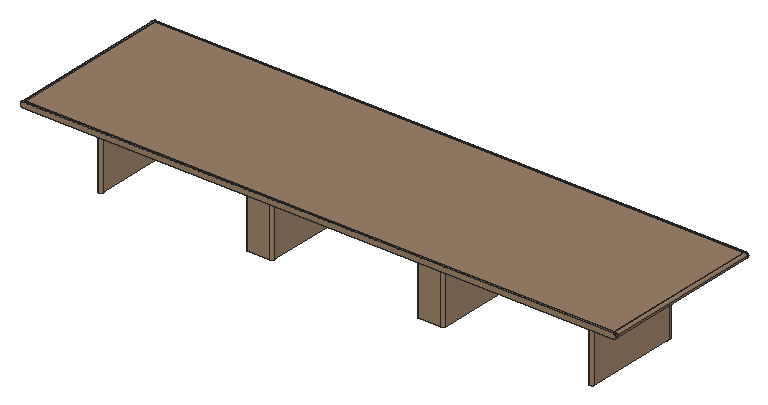
Revit family "Table-Teknion-CFTBFG_Figure_Table_Rectangular_Gable_Leg_Bullnose_Flat_Edge-R2023", category Furniture, Revit 2023
Family settings
  OmniClass Number = 23.40.20.00
  OmniClass Title = General Furniture and Specialties
  Work Plane-Based = No
  Enable Cutting in Views = No
  Always vertical = Yes
  Cut with Voids When Loaded = No
  Render Appearance Source = Family Geometry
  Shared = Yes
  Room Calculation Point = No
Parameters (values of type "Softened Panel Central Base")
  Width [instance] = 216.000"
  Warranty = "http://www.teknion.com/ca/papers/legal-canada"
  Unit Weight URL = "http://www.teknion.com/ca/tools/assets#&asset=bee6a381-b954-425e-8283-5a2de3a804f2,f828d448-4b62-4231-9e5f-9a8991c0ed77"
  URL = "www.teknion.com"
  Top Finish [instance] = Veneer-Teknion-LX-Natural_Veneer_V3-Sierra_Flat_Cut
  To render please download texture images found here [instance] = "https://assets.teknion.com/web/5e81352c1dfdb467/revit-material-swatches/"
  Sustainability Data = "https://www.teknion.com/ca/tools/assets#&topic=216f99a5-57a0-44fc-b10a-9dee9b29ae4c&asset=444deb64-fe58-4b68-981e-f75e97781df7,b4ff2d81-9f2e-437d-9659-7cffb09c31cf"
  Surface Power Access [instance] = "Select one option for surface power access. None are default."  # constant formula
  Softened Panel 2 [instance] = and([S - Softened Panel], Width > 215.000")  # yes
  Softened Panel 1 [instance] = and([S - Softened Panel], Width < 214.000")  # no
  Series = "Custom Wood Boardroom & Reception Tables"  # constant formula
  S - Softened Panel = yes
  Product Page URL = "https://www.teknion.com/ca/products/product-details?productLineId=f182336e-8e7a-673b-a6c8-ff00004460c4"
  Product Line = "Figure Table"  # constant formula
  Product Documentation Link = ""
  Power Cover Finish [instance] = Paint - Teknion - Foundation - Sand
  Power - 2 & 3 [instance] = and([AF - 12" Standard Access Door], Width > 131.000")  # no
  Power - 1 & 3 [instance] = and([AF - 12" Standard Access Door], (or(Width < 121.000", Width > 203.000")))  # no
  Part Number = "CFTBFG"  # constant formula
  Panel Width [instance] = if(Depth = 60.000", 36.000", 30.000")  # 36.000"
  NN - None [instance] = not([AF - 12" Standard Access Door])  # yes
  N - No Central Base = no
  Model = "CFTBFG__SS_"
  Manufacturer Phone = "416-661-3370"  # constant formula
  Manufacturer Fax = "416.661.4586"  # constant formula
  Manufacturer Contact Information = "http://www.teknion.com/ca/contactus"
  Manufacturer Address = "1150 Flint Road, Toronto, ON. M3J 2J5. Canada"  # constant formula
  Manufacturer = "Teknion"  # constant formula
  MR - Softened 1 + AF + 36" PW [instance] = and((and([AF - 12" Standard Access Door], (and([S - Softened Panel], Panel Width = 36.000")))), [Power - 1 & 3])  # no
  MR - Softened 1 + AF + 30" PW [instance] = and((and([AF - 12" Standard Access Door], (and([S - Softened Panel], Panel Width = 30.000")))), [Power - 1 & 3])  # no
  MR - Hexa Panel 1 [instance] = and((and([AF - 12" Standard Access Door], Hexa Panel 1)), [Power - 1 & 3])  # no
  Hexa Panel 2 [instance] = and([H - Hexa Panel], Width > 215.000")  # no
  Hexa Panel 1 [instance] = and([H - Hexa Panel], Width < 214.000")  # no
  Dim 3 [instance] = if(Width = 216.000", 77.000", if(Width = 228.000", 81.000", if(Width = 240.000", 85.000", 35.000")))  # 77.000"
  Cut - Central Base - Softened 2 [instance] = if(Softened Panel 2, 15.000", 0.300")  # 15.000"
  Cut - Central Base - Hexa 2 [instance] = if(Hexa Panel 2, 15.000", 0.300")  # 0.300"
  2D - Softened 2 + 36" Panel Width [instance] = and(Softened Panel 2, Panel Width = 36.000")  # yes
  2D - Softened 2 + 30" Panel Width [instance] = and(Softened Panel 2, Panel Width = 30.000")  # no
  2D - Softened 1 + 36" Panel Width [instance] = and(Softened Panel 1, Panel Width = 36.000")  # no
  2D - Softened 1 + 30" Panel Width [instance] = and(Softened Panel 1, Panel Width = 30.000")  # no
  MR - NN [instance] = [NN - None]  # yes
  MR - 3 AF [instance] = and((and((or([N - No Central Base], [S - Softened Panel], [H - Hexa Panel])), [AF - 12" Standard Access Door])), Width > 203.000")  # no
  MR - 2 AF [instance] = and((and((or([N - No Central Base], [S - Softened Panel], [H - Hexa Panel])), [AF - 12" Standard Access Door])), (or(Width = 132.000", Width = 144.000", Width = 156.000", Width = 168.000", Width = 180.000", Width = 192.000")))  # no
  MR - 1 AF [instance] = and((and((or([N - No Central Base], [S - Softened Panel], [H - Hexa Panel])), [AF - 12" Standard Access Door])), Width < 121.000")  # no
  How To Use Teknion Materials User Guide [instance] = "https://assets.teknion.com/m/205dd0a49fa58060/original/How-to-add-a-Material-Library-and-Texture-Images-to-your-Revit-project.pdf"
  H - Hexa Panel = no
  Glide Finish [instance] = Paint - Teknion - Foundation - Sand
  For Additional Finishes please visit [instance] = "https://assets.teknion.com/m/44a8009b046e5d47/original/Teknion_Materials_Library.zip"
  Dim 2 [instance] = if(Depth = 48.000", 15.000", 18.000")  # 18.000"
  Dim 1 [instance] = if(Width = 96.000", 30.000", if(Width = 180.000", 45.000", if(Width = 192.000", 48.000", 42.000")))  # 42.000"
  Description = "Figure Table, Rectangular, Gable Leg, Bullnose Flat Edge, Softened Panel Central Base, Square Corner"
  Depth [instance] = 60.000"
  Default Elevation = 0.000"
  Cut - WK - 2 & 3 AF [instance] = if([Power - 2 & 3], 4.000", 0.300")  # 0.300"
  Cut - WK - 1 & 3 AF [instance] = if([Power - 1 & 3], 4.000", 0.300")  # 0.300"
  Cut - Central Base - Softened 1 [instance] = if(Softened Panel 1, 15.000", 0.300")  # 0.300"
  Cut - Central Base - Hexa 1 [instance] = if(Hexa Panel 1, 15.000", 0.300")  # 0.300"
  Central Base With Wire Management = ""
  Base Finish [instance] = Veneer-Teknion-LX-Natural_Veneer_V3-Sierra_Flat_Cut
  Available Width [instance] = if([N - No Central Base], "096, 108 & 120 Inch Only", "096, 108, 120, 132, 144, 156, 168, 180, 192, 204, 216, 228 & 240 Inch")  # "096, 108, 120, 132, 144, 156, 168, 180, 192, 204, 216, 228 & 240 Inch"
  Available Depth [instance] = "48, 54 & 60 Inch"  # constant formula
  Assembly Code = "E2020200"
  AF - 12" Standard Access Door [instance] = no
  3 WK [instance] = Width > 203.000"  # yes
  2 WK + NN [instance] = or((and([NN - None], (or(Width = 120.000", Width = 132.000", Width = 144.000", Width = 156.000", Width = 168.000", Width = 180.000", Width = 192.000")))), [MR - 2 AF])  # no
  2 WK + AF [instance] = and([AF - 12" Standard Access Door], (or(Width = 132.000", Width = 144.000", Width = 156.000", Width = 168.000", Width = 180.000", Width = 192.000")))  # no
  2 WK [instance] = or(Width = 120.000", Width = 132.000", Width = 144.000", Width = 156.000", Width = 168.000", Width = 180.000", Width = 192.000")  # no
Reference planes (in)
  plane 1 "Center Front/Back": y = 0
  plane 2: z = 0
  plane 3 "Center Left/Right": x = 0
  plane 4 "Left": x = -108
  plane 5 "Right": x = 108
  plane 6 "Back": y = 30
  plane 7 "Front": y = -30
  plane 8 "Top": z = 29
  plane 9: x = -89
  plane 10: x = 89
  plane 11: x = -66
  plane 12: x = 66
  plane 13: x = -36
  plane 14: x = 36
  plane 15: z = 28
  plane 16: x = -31
  plane 17: x = 31
Forms (in)
  Sweep 1, solid, material "Veneer-Teknion-LX-Natural_Veneer_V3-Sierra_Flat_Cut" <- "Top Finish"
    path origin (0, 0, 0) x (1, 0, 0) y (0, 1, 0)
      loop
        line (0, 29.43701) -> (0, -29.43701)
    profile origin (0, 0, 0) x (1, 0, 0) y (0, 0, 1)
      loop
        line (106.75, 29) -> (106.75, 27) -> (107, 27)
        arc (107, 27) -> (107.70711, 27.29289) -> (108, 28) r 1
        arc (108, 28) -> (107.70711, 28.70711) -> (107, 29) r 1
        line (107, 29) -> (106.75, 29)
      loop
        line (-106.75, 29) -> (-107, 29)
        arc (-107, 29) -> (-107.70711, 28.70711) -> (-108, 28) r 1
        arc (-108, 28) -> (-107.70711, 27.29289) -> (-107, 27) r 1
        line (-107, 27) -> (-106.75, 27) -> (-106.75, 29)
  Sweep 2, solid, material "Veneer-Teknion-LX-Natural_Veneer_V3-Sierra_Flat_Cut" <- "Top Finish"
    path origin (0, 0, 0) x (1, 0, 0) y (0, 0, 1)
      loop
        line (0, 29) -> (0, 27)
    profile origin (0, 0, 28) x (0, -1, 0) y (1, 0, 0)
      loop
        line (-29.43701, -106.75) -> (29.43701, -106.75) -> (29.43701, 106.75) -> (-29.43701, 106.75) -> (-29.43701, -106.75)
  Sweep 3, void
    path origin (0, 0, 0) x (1, 0, 0) y (0, 0, 1)
      loop
        line (0, 27.5) -> (0, 26.5)
    profile origin (0, 0, 27) x (0, -1, 0) y (1, 0, 0)
      loop
        line (-24, -102) -> (24, -102) -> (24, 102) -> (-24, 102) -> (-24, -102)
  Sweep 4, solid, material "Veneer-Teknion-LX-Natural_Veneer_V3-Sierra_Flat_Cut" <- "Top Finish"
    path origin (0, 0, 0) x (1, 0, 0) y (0, 0, 1)
      loop
        line (0, 27.5) -> (0, 26.75)
    profile origin (0, 0, 27.125) x (0, -1, 0) y (1, 0, 0)
      loop
        line (-22, -100) -> (22, -100) -> (22, 100) -> (-22, 100) -> (-22, -100)
  Sweep 5, solid, material "Veneer-Teknion-LX-Natural_Veneer_V3-Sierra_Flat_Cut" <- "Top Finish"
    path origin (0, 0, 0) x (1, 0, 0) y (0, 1, 0)
      loop
        line (-89, 0) -> (89, 0)
    profile origin (0, 0, 0) x (0, 1, 0) y (0, 0, 1)
      loop
        line (10.932, 26.75) -> (7.932, 18.75) -> (9, 18.75) -> (12, 26.75) -> (10.932, 26.75)
      loop
        line (-7.932, 18.75) -> (-10.932, 26.75) -> (-12, 26.75) -> (-9, 18.75) -> (-7.932, 18.75)
  Sweep 6, void
    path origin (0, 0, 0) x (1, 0, 0) y (0, 0, 1)
      loop
        line (0, 27) -> (0, 13)
    profile origin (0, 0, 20) x (0, -1, 0) y (1, 0, 0)
      loop
        line (-12, -89) -> (-7.932, -89) -> (-7.932, -88) -> (-12, -88) -> (-12, -89)
      loop
        line (12, -89) -> (12, -88) -> (7.932, -88) -> (7.932, -89) -> (12, -89)
      loop
        line (-12, 89) -> (-12, 88) -> (-7.932, 88) -> (-7.932, 89) -> (-12, 89)
      loop
        line (12, 89) -> (7.932, 89) -> (7.932, 88) -> (12, 88) -> (12, 89)
  Sweep 7, void
    path origin (0, 0, 0) x (1, 0, 0) y (0, 0, 1)
      loop
        line (0, 14) -> (0, 14.3)
    profile origin (0, 0, 14.15) x (-1, 0, 0) y (0, -1, 0)
      loop
        line (2.68094, 13.02625) -> (-2.68094, 13.02625) -> (-5, 7.27625) -> (5, 7.27625) -> (2.68094, 13.02625)
      loop
        line (2.68094, -13.02625) -> (5, -7.27625) -> (-5, -7.27625) -> (-2.68094, -13.02625) -> (2.68094, -13.02625)
  Sweep 8, solid, material "Veneer-Teknion-LX-Natural_Veneer_V3-Sierra_Flat_Cut" <- "Top Finish"
    path origin (0, 0, 0) x (1, 0, 0) y (0, 1, 0)
      loop
        line (0, -30) -> (0, -29.43701)
    profile origin (0, -29.7185, 0) x (-1, 0, 0) y (0, 0, 1)
      loop
        arc (108, 28) -> (107.70711, 28.70711) -> (107, 29) r 1
        line (107, 29) -> (-107, 29)
        arc (-107, 29) -> (-107.70711, 28.70711) -> (-108, 28) r 1
        arc (-108, 28) -> (-107.70711, 27.29289) -> (-107, 27) r 1
        line (-107, 27) -> (107, 27)
        arc (107, 27) -> (107.70711, 27.29289) -> (108, 28) r 1
  Sweep 9, solid, material "Veneer-Teknion-LX-Natural_Veneer_V3-Sierra_Flat_Cut" <- "Top Finish"
    path origin (0, 0, 0) x (1, 0, 0) y (0, 1, 0)
      loop
        line (0, 30) -> (0, 29.43701)
    profile origin (0, 29.7185, 0) x (1, 0, 0) y (0, 0, 1)
      loop
        arc (-108, 28) -> (-107.70711, 27.29289) -> (-107, 27) r 1
        line (-107, 27) -> (107, 27)
        arc (107, 27) -> (107.70711, 27.29289) -> (108, 28) r 1
        arc (108, 28) -> (107.70711, 28.70711) -> (107, 29) r 1
        line (107, 29) -> (-107, 29)
        arc (-107, 29) -> (-107.70711, 28.70711) -> (-108, 28) r 1
  Sweep 10, void
    path origin (0, 0, 0) x (1, 0, 0) y (0, 0, 1)
      loop
        line (0, 23.8) -> (0, 23.5)
    profile origin (0, 0, 23.65) x (0, -1, 0) y (1, 0, 0)
      loop
        arc (-3.75, -74.25004) -> (-3.60355, -74.6036) -> (-3.25, -74.75004) r 0.5
        line (-3.25, -74.75004) -> (3.25, -74.75004)
        arc (3.25, -74.75004) -> (3.60355, -74.6036) -> (3.75, -74.25004) r 0.5
        line (3.75, -74.25004) -> (3.75, -57.75004)
        arc (3.75, -57.75004) -> (3.60355, -57.39649) -> (3.25, -57.25004) r 0.5
        line (3.25, -57.25004) -> (-3.25, -57.25004)
        arc (-3.25, -57.25004) -> (-3.60355, -57.39649) -> (-3.75, -57.75004) r 0.5
        line (-3.75, -57.75004) -> (-3.75, -74.25004)
      loop
        line (-3.75, 74.25004) -> (-3.75, 57.75004)
        arc (-3.75, 57.75004) -> (-3.60355, 57.39649) -> (-3.25, 57.25004) r 0.5
        line (-3.25, 57.25004) -> (3.25, 57.25004)
        arc (3.25, 57.25004) -> (3.60355, 57.39649) -> (3.75, 57.75004) r 0.5
        line (3.75, 57.75004) -> (3.75, 74.25004)
        arc (3.75, 74.25004) -> (3.60355, 74.6036) -> (3.25, 74.75004) r 0.5
        line (3.25, 74.75004) -> (-3.25, 74.75004)
        arc (-3.25, 74.75004) -> (-3.60355, 74.6036) -> (-3.75, 74.25004) r 0.5
  Sweep 11, void
    path origin (0, 0, 0) x (1, 0, 0) y (0, 0, 1)
      loop
        line (0, 23.5) -> (0, 23.8)
    profile origin (0, 0, 23.65) x (-1, 0, 0) y (0, -1, 0)
      loop
        arc (8.25, -3.75) -> (8.60355, -3.60355) -> (8.75, -3.25) r 0.5
        line (8.75, -3.25) -> (8.75, 3.25)
        arc (8.75, 3.25) -> (8.60355, 3.60355) -> (8.25, 3.75) r 0.5
        line (8.25, 3.75) -> (-8.25, 3.75)
        arc (-8.25, 3.75) -> (-8.60355, 3.60355) -> (-8.75, 3.25) r 0.5
        line (-8.75, 3.25) -> (-8.75, -3.25)
        arc (-8.75, -3.25) -> (-8.60355, -3.60355) -> (-8.25, -3.75) r 0.5
        line (-8.25, -3.75) -> (8.25, -3.75)
  Sweep 12, void
    path origin (0, 0, 0) x (1, 0, 0) y (0, 0, 1)
      loop
        line (0, 31.5) -> (0, 31.2)
    profile origin (0, 0, 31.35) x (0, -1, 0) y (1, 0, 0)
      loop
        line (-2.69291, -60.47642) -> (-2.69291, -71.52367)
        arc (-2.69291, -71.52367) -> (-2.5776, -71.80205) -> (-2.29921, -71.91737) r 0.3937
        line (-2.29921, -71.91737) -> (2.29921, -71.91737)
        arc (2.29921, -71.91737) -> (2.5776, -71.80205) -> (2.69291, -71.52367) r 0.3937
        line (2.69291, -71.52367) -> (2.69291, -60.47642)
        arc (2.69291, -60.47642) -> (2.5776, -60.19803) -> (2.29921, -60.08272) r 0.3937
        line (2.29921, -60.08272) -> (-2.29921, -60.08272)
        arc (-2.29921, -60.08272) -> (-2.5776, -60.19803) -> (-2.69291, -60.47642) r 0.3937
      loop
        arc (-2.69291, 60.47642) -> (-2.5776, 60.19803) -> (-2.29921, 60.08272) r 0.3937
        line (-2.29921, 60.08272) -> (2.29921, 60.08272)
        arc (2.29921, 60.08272) -> (2.5776, 60.19803) -> (2.69291, 60.47642) r 0.3937
        line (2.69291, 60.47642) -> (2.69291, 71.52367)
        arc (2.69291, 71.52367) -> (2.5776, 71.80205) -> (2.29921, 71.91737) r 0.3937
        line (2.29921, 71.91737) -> (-2.29921, 71.91737)
        arc (-2.29921, 71.91737) -> (-2.5776, 71.80205) -> (-2.69291, 71.52367) r 0.3937
        line (-2.69291, 71.52367) -> (-2.69291, 60.47642)
  Sweep 13, void
    path origin (0, 0, 0) x (1, 0, 0) y (0, 0, 1)
      loop
        line (0, 31.2) -> (0, 31.5)
    profile origin (0, 0, 31.35) x (-1, 0, 0) y (0, -1, 0)
      loop
        arc (5.52362, -2.69291) -> (5.80201, -2.5776) -> (5.91732, -2.29921) r 0.3937
        line (5.91732, -2.29921) -> (5.91732, 2.29921)
        arc (5.91732, 2.29921) -> (5.80201, 2.5776) -> (5.52362, 2.69291) r 0.3937
        line (5.52362, 2.69291) -> (-5.52362, 2.69291)
        arc (-5.52362, 2.69291) -> (-5.80201, 2.5776) -> (-5.91732, 2.29921) r 0.3937
        line (-5.91732, 2.29921) -> (-5.91732, -2.29921)
        arc (-5.91732, -2.29921) -> (-5.80201, -2.5776) -> (-5.52362, -2.69291) r 0.3937
        line (-5.52362, -2.69291) -> (5.52362, -2.69291)
  Sweep 14, void
    path origin (0, 0, 0) x (1, 0, 0) y (0, 0, 1)
      loop
        line (0, 15) -> (0, 15.3)
    profile origin (0, 0, 15.15) x (-1, 0, 0) y (0, -1, 0)
      loop
        line (5, -13.93709) -> (5, 13.93709) -> (-5, 13.93709) -> (-5, -13.93709) -> (5, -13.93709)
  Sweep 15, void
    path origin (0, 0, 0) x (1, 0, 0) y (0, 0, 1)
      loop
        line (0, 15) -> (0, 30)
    profile origin (0, 0, 22.5) x (-1, 0, 0) y (0, -1, 0)
      loop
        line (26, -13.93709) -> (36, -13.93709) -> (36, 13.93709) -> (26, 13.93709) -> (26, -13.93709)
      loop
        line (-26, -13.93709) -> (-26, 13.93709) -> (-36, 13.93709) -> (-36, -13.93709) -> (-26, -13.93709)
  Sweep 16, void
    path origin (0, 0, 0) x (1, 0, 0) y (0, 0, 1)
      loop
        line (0, 14) -> (0, 14.3)
    profile origin (0, 0, 14.15) x (-1, 0, 0) y (0, -1, 0)
      loop
        line (33.68094, -13.02625) -> (36, -7.27625) -> (26, -7.27625) -> (28.31906, -13.02625) -> (33.68094, -13.02625)
      loop
        line (33.68094, 13.02625) -> (28.31906, 13.02625) -> (26, 7.27625) -> (36, 7.27625) -> (33.68094, 13.02625)
      loop
        line (-33.68094, -13.02625) -> (-28.31906, -13.02625) -> (-26, -7.27625) -> (-36, -7.27625) -> (-33.68094, -13.02625)
      loop
        line (-33.68094, 13.02625) -> (-36, 7.27625) -> (-26, 7.27625) -> (-28.31906, 13.02625) -> (-33.68094, 13.02625)
Cuts and joins
  Sweep 6, Sweep 7, Sweep 14, Sweep 15, Sweep 16 cuts Sweep 5
  Sweep 3, Sweep 12, Sweep 13 cuts Sweep 2
  Sweep 10, Sweep 11 cuts Sweep 4
  joined: Sweep 2, Sweep 4
Lines and regions (in)
  Masking region 1, visible <- "MR - NN"
    outline origin (480, -36.56537, 28) x (0, -1, 0) y (1, 0, 0)
      loop
        line (-66.56537, -588) -> (-6.56537, -588) -> (-6.56537, -372) -> (-66.56537, -372) -> (-66.56537, -588)
  Masking region 2, visible <- "MR - 1 AF"
    outline origin (480, -36.56537, 28) x (0, -1, 0) y (1, 0, 0)
      loop
        line (-66.56537, -372) -> (-66.56537, -588) -> (-6.56537, -588) -> (-6.56537, -372) -> (-66.56537, -372)
      loop
        line (-39.36852, -474.43701) -> (-39.36852, -485.56299)
        arc (-39.36852, -485.56299) -> (-39.23245, -485.89149) -> (-38.90395, -486.02756) r 0.46457
        line (-38.90395, -486.02756) -> (-34.22678, -486.02756)
        arc (-34.22678, -486.02756) -> (-33.89828, -485.89149) -> (-33.76222, -485.56299) r 0.46457
        line (-33.76222, -485.56299) -> (-33.76222, -474.43701)
        arc (-33.76222, -474.43701) -> (-33.89828, -474.10851) -> (-34.22678, -473.97244) r 0.46457
        line (-34.22678, -473.97244) -> (-38.90395, -473.97244)
        arc (-38.90395, -473.97244) -> (-39.23245, -474.10851) -> (-39.36852, -474.43701) r 0.46457
  Masking region 3, visible <- "MR - 2 AF"
    outline origin (480, -36.56537, 28) x (0, -1, 0) y (1, 0, 0)
      loop
        line (-66.56537, -588) -> (-6.56537, -588) -> (-6.56537, -372) -> (-66.56537, -372) -> (-66.56537, -588)
      loop
        line (-34.22678, -539.97244) -> (-38.90395, -539.97244)
        arc (-38.90395, -539.97244) -> (-39.23245, -540.10851) -> (-39.36852, -540.43701) r 0.46457
        line (-39.36852, -540.43701) -> (-39.36852, -551.56299)
        arc (-39.36852, -551.56299) -> (-39.23245, -551.89149) -> (-38.90395, -552.02756) r 0.46457
        line (-38.90395, -552.02756) -> (-34.22678, -552.02756)
        arc (-34.22678, -552.02756) -> (-33.89828, -551.89149) -> (-33.76222, -551.56299) r 0.46457
        line (-33.76222, -551.56299) -> (-33.76222, -540.43701)
        arc (-33.76222, -540.43701) -> (-33.89828, -540.10851) -> (-34.22678, -539.97244) r 0.46457
      loop
        line (-39.36852, -408.43701) -> (-39.36852, -419.56299)
        arc (-39.36852, -419.56299) -> (-39.23245, -419.89149) -> (-38.90395, -420.02756) r 0.46457
        line (-38.90395, -420.02756) -> (-34.22678, -420.02756)
        arc (-34.22678, -420.02756) -> (-33.89828, -419.89149) -> (-33.76222, -419.56299) r 0.46457
        line (-33.76222, -419.56299) -> (-33.76222, -408.43701)
        arc (-33.76222, -408.43701) -> (-33.89828, -408.10851) -> (-34.22678, -407.97244) r 0.46457
        line (-34.22678, -407.97244) -> (-38.90395, -407.97244)
        arc (-38.90395, -407.97244) -> (-39.23245, -408.10851) -> (-39.36852, -408.43701) r 0.46457
  Masking region 4, visible <- "MR - 3 AF"
    outline origin (480, -36.56537, 28) x (0, -1, 0) y (1, 0, 0)
      loop
        line (-66.56537, -588) -> (-6.56537, -588) -> (-6.56537, -372) -> (-66.56537, -372) -> (-66.56537, -588)
      loop
        line (-39.36852, -540.43701) -> (-39.36852, -551.56299)
        arc (-39.36852, -551.56299) -> (-39.23245, -551.89149) -> (-38.90395, -552.02756) r 0.46457
        line (-38.90395, -552.02756) -> (-34.22678, -552.02756)
        arc (-34.22678, -552.02756) -> (-33.89828, -551.89149) -> (-33.76222, -551.56299) r 0.46457
        line (-33.76222, -551.56299) -> (-33.76222, -540.43701)
        arc (-33.76222, -540.43701) -> (-33.89828, -540.10851) -> (-34.22678, -539.97244) r 0.46457
        line (-34.22678, -539.97244) -> (-38.90395, -539.97244)
        arc (-38.90395, -539.97244) -> (-39.23245, -540.10851) -> (-39.36852, -540.43701) r 0.46457
      loop
        line (-39.36852, -474.43701) -> (-39.36852, -485.56299)
        arc (-39.36852, -485.56299) -> (-39.23245, -485.89149) -> (-38.90395, -486.02756) r 0.46457
        line (-38.90395, -486.02756) -> (-34.22678, -486.02756)
        arc (-34.22678, -486.02756) -> (-33.89828, -485.89149) -> (-33.76222, -485.56299) r 0.46457
        line (-33.76222, -485.56299) -> (-33.76222, -474.43701)
        arc (-33.76222, -474.43701) -> (-33.89828, -474.10851) -> (-34.22678, -473.97244) r 0.46457
        line (-34.22678, -473.97244) -> (-38.90395, -473.97244)
        arc (-38.90395, -473.97244) -> (-39.23245, -474.10851) -> (-39.36852, -474.43701) r 0.46457
      loop
        line (-39.36852, -408.43701) -> (-39.36852, -419.56299)
        arc (-39.36852, -419.56299) -> (-39.23245, -419.89149) -> (-38.90395, -420.02756) r 0.46457
        line (-38.90395, -420.02756) -> (-34.22678, -420.02756)
        arc (-34.22678, -420.02756) -> (-33.89828, -419.89149) -> (-33.76222, -419.56299) r 0.46457
        line (-33.76222, -419.56299) -> (-33.76222, -408.43701)
        arc (-33.76222, -408.43701) -> (-33.89828, -408.10851) -> (-34.22678, -407.97244) r 0.46457
        line (-34.22678, -407.97244) -> (-38.90395, -407.97244)
        arc (-38.90395, -407.97244) -> (-39.23245, -408.10851) -> (-39.36852, -408.43701) r 0.46457
  Masking region 5, visible <- "Power - 2 & 3"
    outline origin (480, -36.56537, 28) x (0, -1, 0) y (1, 0, 0)
      loop
        line (-39.36852, -540.43701) -> (-39.36852, -551.56299)
        arc (-39.36852, -551.56299) -> (-39.23245, -551.89149) -> (-38.90395, -552.02756) r 0.46457
        line (-38.90395, -552.02756) -> (-34.22678, -552.02756)
        arc (-34.22678, -552.02756) -> (-33.89828, -551.89149) -> (-33.76222, -551.56299) r 0.46457
        line (-33.76222, -551.56299) -> (-33.76222, -540.43701)
        arc (-33.76222, -540.43701) -> (-33.89828, -540.10851) -> (-34.22678, -539.97244) r 0.46457
        line (-34.22678, -539.97244) -> (-38.90395, -539.97244)
        arc (-38.90395, -539.97244) -> (-39.23245, -540.10851) -> (-39.36852, -540.43701) r 0.46457
      loop
        arc (-39.08109, -551.50787) -> (-39.01306, -551.67211) -> (-38.84883, -551.74014) r 0.23226
        line (-38.84883, -551.74014) -> (-38.11709, -551.74014) -> (-38.11709, -551.66805) -> (-38.41576, -551.66805)
        arc (-38.41576, -551.66805) -> (-38.4984, -551.63382) -> (-38.53263, -551.55118) r 0.11687
        line (-38.53263, -551.55118) -> (-38.53263, -540.44882)
        arc (-38.53263, -540.44882) -> (-38.4984, -540.36618) -> (-38.41576, -540.33195) r 0.11687
        line (-38.41576, -540.33195) -> (-38.11709, -540.33195) -> (-38.11709, -540.25986) -> (-38.84883, -540.25986)
        arc (-38.84883, -540.25986) -> (-39.01306, -540.32789) -> (-39.08109, -540.49213) r 0.23226
        line (-39.08109, -540.49213) -> (-39.08109, -551.50787)
      loop
        arc (-34.5981, -551.55118) -> (-34.63233, -551.63382) -> (-34.71497, -551.66805) r 0.11687
        line (-34.71497, -551.66805) -> (-35.01364, -551.66805) -> (-35.01364, -551.74014) -> (-34.2819, -551.74014)
        arc (-34.2819, -551.74014) -> (-34.11767, -551.67211) -> (-34.04964, -551.50787) r 0.23226
        line (-34.04964, -551.50787) -> (-34.04964, -540.49213)
        arc (-34.04964, -540.49213) -> (-34.11767, -540.32789) -> (-34.2819, -540.25986) r 0.23226
        line (-34.2819, -540.25986) -> (-35.01364, -540.25986) -> (-35.01364, -540.33195) -> (-34.71497, -540.33195)
        arc (-34.71497, -540.33195) -> (-34.63233, -540.36618) -> (-34.5981, -540.44882) r 0.11687
        line (-34.5981, -540.44882) -> (-34.5981, -551.55118)
      loop
        line (-39.36852, -408.43701) -> (-39.36852, -419.56299)
        arc (-39.36852, -419.56299) -> (-39.23245, -419.89149) -> (-38.90395, -420.02756) r 0.46457
        line (-38.90395, -420.02756) -> (-34.22678, -420.02756)
        arc (-34.22678, -420.02756) -> (-33.89828, -419.89149) -> (-33.76222, -419.56299) r 0.46457
        line (-33.76222, -419.56299) -> (-33.76222, -408.43701)
        arc (-33.76222, -408.43701) -> (-33.89828, -408.10851) -> (-34.22678, -407.97244) r 0.46457
        line (-34.22678, -407.97244) -> (-38.90395, -407.97244)
        arc (-38.90395, -407.97244) -> (-39.23245, -408.10851) -> (-39.36852, -408.43701) r 0.46457
      loop
        arc (-39.08109, -419.50787) -> (-39.01306, -419.67211) -> (-38.84883, -419.74014) r 0.23226
        line (-38.84883, -419.74014) -> (-38.11709, -419.74014) -> (-38.11709, -419.66805) -> (-38.41576, -419.66805)
        arc (-38.41576, -419.66805) -> (-38.4984, -419.63382) -> (-38.53263, -419.55118) r 0.11687
        line (-38.53263, -419.55118) -> (-38.53263, -408.44882)
        arc (-38.53263, -408.44882) -> (-38.4984, -408.36618) -> (-38.41576, -408.33195) r 0.11687
        line (-38.41576, -408.33195) -> (-38.11709, -408.33195) -> (-38.11709, -408.25986) -> (-38.84883, -408.25986)
        arc (-38.84883, -408.25986) -> (-39.01306, -408.32789) -> (-39.08109, -408.49213) r 0.23226
        line (-39.08109, -408.49213) -> (-39.08109, -419.50787)
      loop
        line (-35.01364, -419.66805) -> (-35.01364, -419.74014) -> (-34.2819, -419.74014)
        arc (-34.2819, -419.74014) -> (-34.11767, -419.67211) -> (-34.04964, -419.50787) r 0.23226
        line (-34.04964, -419.50787) -> (-34.04964, -408.49213)
        arc (-34.04964, -408.49213) -> (-34.11767, -408.32789) -> (-34.2819, -408.25986) r 0.23226
        line (-34.2819, -408.25986) -> (-35.01364, -408.25986) -> (-35.01364, -408.33195) -> (-34.71497, -408.33195)
        arc (-34.71497, -408.33195) -> (-34.63233, -408.36618) -> (-34.5981, -408.44882) r 0.11687
        line (-34.5981, -408.44882) -> (-34.5981, -419.55118)
        arc (-34.5981, -419.55118) -> (-34.63233, -419.63382) -> (-34.71497, -419.66805) r 0.11687
        line (-34.71497, -419.66805) -> (-35.01364, -419.66805)
  Masking region 6, visible <- "Power - 1 & 3"
    outline origin (480, -36.56537, 28) x (0, -1, 0) y (1, 0, 0)
      loop
        line (-39.36852, -474.43701) -> (-39.36852, -485.56299)
        arc (-39.36852, -485.56299) -> (-39.23245, -485.89149) -> (-38.90395, -486.02756) r 0.46457
        line (-38.90395, -486.02756) -> (-34.22678, -486.02756)
        arc (-34.22678, -486.02756) -> (-33.89828, -485.89149) -> (-33.76222, -485.56299) r 0.46457
        line (-33.76222, -485.56299) -> (-33.76222, -474.43701)
        arc (-33.76222, -474.43701) -> (-33.89828, -474.10851) -> (-34.22678, -473.97244) r 0.46457
        line (-34.22678, -473.97244) -> (-38.90395, -473.97244)
        arc (-38.90395, -473.97244) -> (-39.23245, -474.10851) -> (-39.36852, -474.43701) r 0.46457
      loop
        arc (-39.08109, -485.50787) -> (-39.01306, -485.67211) -> (-38.84883, -485.74014) r 0.23226
        line (-38.84883, -485.74014) -> (-38.11709, -485.74014) -> (-38.11709, -485.66805) -> (-38.41576, -485.66805)
        arc (-38.41576, -485.66805) -> (-38.4984, -485.63382) -> (-38.53263, -485.55118) r 0.11687
        line (-38.53263, -485.55118) -> (-38.53263, -474.44882)
        arc (-38.53263, -474.44882) -> (-38.4984, -474.36618) -> (-38.41576, -474.33195) r 0.11687
        line (-38.41576, -474.33195) -> (-38.11709, -474.33195) -> (-38.11709, -474.25986) -> (-38.84883, -474.25986)
        arc (-38.84883, -474.25986) -> (-39.01306, -474.32789) -> (-39.08109, -474.49213) r 0.23226
        line (-39.08109, -474.49213) -> (-39.08109, -485.50787)
      loop
        arc (-34.5981, -485.55118) -> (-34.63233, -485.63382) -> (-34.71497, -485.66805) r 0.11687
        line (-34.71497, -485.66805) -> (-35.01364, -485.66805) -> (-35.01364, -485.74014) -> (-34.2819, -485.74014)
        arc (-34.2819, -485.74014) -> (-34.11767, -485.67211) -> (-34.04964, -485.50787) r 0.23226
        line (-34.04964, -485.50787) -> (-34.04964, -474.49213)
        arc (-34.04964, -474.49213) -> (-34.11767, -474.32789) -> (-34.2819, -474.25986) r 0.23226
        line (-34.2819, -474.25986) -> (-35.01364, -474.25986) -> (-35.01364, -474.33195) -> (-34.71497, -474.33195)
        arc (-34.71497, -474.33195) -> (-34.63233, -474.36618) -> (-34.5981, -474.44882) r 0.11687
        line (-34.5981, -474.44882) -> (-34.5981, -485.55118)
  Masking region 7, visible <- "MR - Hexa Panel 1"
    outline origin (480, -36.56537, 28) x (0, -1, 0) y (1, 0, 0)
      loop
        line (-39.08109, -485) -> (-38.53263, -485) -> (-38.53263, -475) -> (-39.08109, -475) -> (-39.08109, -485)
      loop
        line (-34.5981, -485) -> (-34.04964, -485) -> (-34.04964, -475) -> (-34.5981, -475) -> (-34.5981, -485)
  Masking region 8, visible <- "MR - Softened 1 + AF + 36" PW"
    outline origin (480, -36.56537, 28) x (0, -1, 0) y (1, 0, 0)
      loop
        line (-39.08109, -485) -> (-38.53263, -485) -> (-38.53263, -483.48279)
        arc (-38.53263, -483.48279) -> (-38.81461, -483.30771) -> (-39.08109, -483.10984) r 4
        line (-39.08109, -483.10984) -> (-39.08109, -485)
      loop
        arc (-39.08109, -476.89016) -> (-38.81461, -476.69229) -> (-38.53263, -476.51721) r 4
        line (-38.53263, -476.51721) -> (-38.53263, -475) -> (-39.08109, -475) -> (-39.08109, -476.89016)
      loop
        arc (-34.04964, -483.10984) -> (-34.31613, -483.30771) -> (-34.5981, -483.48279) r 4
        line (-34.5981, -483.48279) -> (-34.5981, -485) -> (-34.04964, -485) -> (-34.04964, -483.10984)
      loop
        arc (-34.5981, -476.51721) -> (-34.31613, -476.69229) -> (-34.04964, -476.89016) r 4
        line (-34.04964, -476.89016) -> (-34.04964, -475) -> (-34.5981, -475) -> (-34.5981, -476.51721)
  Masking region 9, visible <- "MR - Softened 1 + AF + 30" PW"
    outline origin (480, -36.56537, 28) x (0, -1, 0) y (1, 0, 0)
      loop
        line (-39.08109, -485) -> (-38.53263, -485) -> (-38.53263, -483) -> (-39.08109, -483) -> (-39.08109, -485)
      loop
        line (-39.08109, -477) -> (-38.53263, -477) -> (-38.53263, -475) -> (-39.08109, -475) -> (-39.08109, -477)
      loop
        line (-34.5981, -477) -> (-34.04964, -477) -> (-34.04964, -475) -> (-34.5981, -475) -> (-34.5981, -477)
      loop
        line (-34.5981, -485) -> (-34.04964, -485) -> (-34.04964, -483) -> (-34.5981, -483) -> (-34.5981, -485)
  model lines, visible <- "2 WK"
    curve 1: line (0, -30, 29) -> (0, -2.69291, 29)
    curve 6: line (0, 2.69291, 29) -> (0, 30, 29)
    curve 506: line (0, 30, 29) -> (0, 30, 27)
    curve 507: line (0, 30, 27) -> (0, 24, 27)
    curve 508: line (0, -30, 29) -> (0, -30, 27)
    curve 509: line (0, -30, 27) -> (0, -24, 27)
  model lines, visible <- "3 WK"
    curve 2: line (-36, -30, 29) -> (-36, 30, 29)
    curve 3: line (36, -30, 29) -> (36, 30, 29)
    curve 498: line (-36, 30, 29) -> (-36, 30, 27)
    curve 499: line (-36, 24, 27) -> (-36, 30, 27)
    curve 500: line (-36, -30, 27) -> (-36, -30, 29)
    curve 501: line (-36, -24, 27) -> (-36, -30, 27)
    curve 502: line (36, 30, 29) -> (36, 30, 27)
    curve 503: line (36, -30, 29) -> (36, -30, 27)
    curve 504: line (36, -30, 27) -> (36, -24, 27)
    curve 505: line (36, 24, 27) -> (36, 30, 27)
  model lines, visible <- "Power - 1 & 3"
    curve 4: line (0, -2.69291, 29) -> (0, -2.69291, 27.5)
    curve 5: line (0, 2.69291, 27) -> (0, 2.69291, 29)
  model lines, visible <- "2 WK + NN"
    curve 7: line (0, -2.69291, 29) -> (0, 2.69291, 29)
  symbolic lines, visible <- "Power - 2 & 3"
    curve 8: line (-71.74014, 2.28346, 28) -> (-71.74014, -2.28346, 28)
    curve 9: line (-71.66805, 1.85039, 28) -> (-71.66805, -1.85039, 28)
    curve 10: line (-60.33195, -1.85039, 28) -> (-60.33195, 1.85039, 28)
    curve 11: line (-60.25986, 2.28346, 28) -> (-60.25986, -2.28346, 28)
    curve 16: line (60.25986, 2.28346, 28) -> (60.25986, -2.28346, 28)
    curve 17: line (60.33195, 1.85039, 28) -> (60.33195, -1.85039, 28)
    curve 18: line (71.66805, -1.85039, 28) -> (71.66805, 1.85039, 28)
    curve 19: line (71.74014, 2.28346, 28) -> (71.74014, -2.28346, 28)
  symbolic lines, visible <- "Power - 1 & 3"
    curve 12: line (-5.74014, 2.28346, 28) -> (-5.74014, -2.28346, 28)
    curve 13: line (-5.66805, 1.85039, 28) -> (-5.66805, -1.85039, 28)
    curve 14: line (5.66805, -1.85039, 28) -> (5.66805, 1.85039, 28)
    curve 15: line (5.74014, 2.28346, 28) -> (5.74014, -2.28346, 28)
  symbolic lines, style "FurnitureHiddenLines", visible <- "Power - 2 & 3", detail levels medium+fine
    curve 20: line (-71.50787, 2.55535, 28) -> (-60.49213, 2.55535, 28)
    curve 21: arc (-60.49213, 2.55535, 28) -> (-60.29987, 2.47572, 28) -> (-60.22024, 2.28346, 28) r 0.27189
    curve 22: line (-60.22024, 2.28346, 28) -> (-60.22024, -2.28346, 28)
    curve 23: arc (-60.22024, -2.28346, 28) -> (-60.29987, -2.47572, 28) -> (-60.49213, -2.55535, 28) r 0.27189
    curve 24: line (-60.49213, -2.55535, 28) -> (-71.50787, -2.55535, 28)
    curve 25: arc (-71.50787, -2.55535, 28) -> (-71.70013, -2.47572, 28) -> (-71.77976, -2.28346, 28) r 0.27189
    curve 26: line (-71.77976, -2.28346, 28) -> (-71.77976, 2.28346, 28)
    curve 27: arc (-71.77976, 2.28346, 28) -> (-71.70013, 2.47572, 28) -> (-71.50787, 2.55535, 28) r 0.27189
    curve 28: line (-71.77976, -1.55173, 28) -> (-71.49606, -1.55173, 28)
    curve 29: line (-71.49606, -1.55173, 28) -> (-71.49606, 1.55173, 28)
    curve 30: line (-71.49606, 1.55173, 28) -> (-71.77976, 1.55173, 28)
    curve 31: line (-71.04724, -1.55315, 28) -> (-71.46457, -1.55315, 28)
    curve 32: line (-71.46457, -1.55315, 28) -> (-71.46457, 1.55315, 28)
    curve 33: line (-71.46457, 1.55315, 28) -> (-71.04724, 1.55315, 28)
    curve 34: line (-71.04724, 1.55315, 28) -> (-71.04724, -1.55315, 28)
    curve 35: line (-71.74014, 1.44686, 28) -> (-71.10236, 1.44686, 28)
    curve 36: line (-71.10236, 1.44686, 28) -> (-71.10236, -1.44686, 28)
    curve 37: line (-71.10236, -1.44686, 28) -> (-71.74014, -1.44686, 28)
    curve 38: line (-60.53543, 1.55315, 28) -> (-60.95276, 1.55315, 28)
    curve 39: line (-60.95276, 1.55315, 28) -> (-60.95276, -1.55315, 28)
    curve 40: line (-60.95276, -1.55315, 28) -> (-60.53543, -1.55315, 28)
    curve 41: line (-60.53543, -1.55315, 28) -> (-60.53543, 1.55315, 28)
    curve 42: line (-60.25986, 1.44686, 28) -> (-60.89764, 1.44686, 28)
    curve 43: line (-60.89764, 1.44686, 28) -> (-60.89764, -1.44686, 28)
    curve 44: line (-60.89764, -1.44686, 28) -> (-60.25986, -1.44686, 28)
    curve 45: line (-60.22024, 1.55173, 28) -> (-60.50394, 1.55173, 28)
    curve 46: line (-60.50394, 1.55173, 28) -> (-60.50394, -1.55173, 28)
    curve 47: line (-60.50394, -1.55173, 28) -> (-60.22024, -1.55173, 28)
    curve 76: line (60.49213, 2.55535, 28) -> (71.50787, 2.55535, 28)
    curve 77: arc (71.50787, 2.55535, 28) -> (71.70013, 2.47572, 28) -> (71.77976, 2.28346, 28) r 0.27189
    curve 78: line (71.77976, 2.28346, 28) -> (71.77976, -2.28346, 28)
    curve 79: arc (71.77976, -2.28346, 28) -> (71.70013, -2.47572, 28) -> (71.50787, -2.55535, 28) r 0.27189
    curve 80: line (71.50787, -2.55535, 28) -> (60.49213, -2.55535, 28)
    curve 81: arc (60.49213, -2.55535, 28) -> (60.29987, -2.47572, 28) -> (60.22024, -2.28346, 28) r 0.27189
    curve 82: line (60.22024, -2.28346, 28) -> (60.22024, 2.28346, 28)
    curve 83: arc (60.22024, 2.28346, 28) -> (60.29987, 2.47572, 28) -> (60.49213, 2.55535, 28) r 0.27189
    curve 84: line (60.22024, -1.55173, 28) -> (60.50394, -1.55173, 28)
    curve 85: line (60.50394, -1.55173, 28) -> (60.50394, 1.55173, 28)
    curve 86: line (60.50394, 1.55173, 28) -> (60.22024, 1.55173, 28)
    curve 87: line (60.95276, -1.55315, 28) -> (60.53543, -1.55315, 28)
    curve 88: line (60.53543, -1.55315, 28) -> (60.53543, 1.55315, 28)
    curve 89: line (60.53543, 1.55315, 28) -> (60.95276, 1.55315, 28)
    curve 90: line (60.95276, 1.55315, 28) -> (60.95276, -1.55315, 28)
    curve 91: line (60.25986, 1.44686, 28) -> (60.89764, 1.44686, 28)
    curve 92: line (60.89764, 1.44686, 28) -> (60.89764, -1.44686, 28)
    curve 93: line (60.89764, -1.44686, 28) -> (60.25986, -1.44686, 28)
    curve 94: line (71.46457, 1.55315, 28) -> (71.04724, 1.55315, 28)
    curve 95: line (71.04724, 1.55315, 28) -> (71.04724, -1.55315, 28)
    curve 96: line (71.04724, -1.55315, 28) -> (71.46457, -1.55315, 28)
    curve 97: line (71.46457, -1.55315, 28) -> (71.46457, 1.55315, 28)
    curve 98: line (71.77976, 1.55173, 28) -> (71.49606, 1.55173, 28)
    curve 99: line (71.49606, 1.55173, 28) -> (71.49606, -1.55173, 28)
    curve 100: line (71.49606, -1.55173, 28) -> (71.77976, -1.55173, 28)
    curve 101: line (71.74014, 1.44686, 28) -> (71.10236, 1.44686, 28)
    curve 102: line (71.10236, 1.44686, 28) -> (71.10236, -1.44686, 28)
    curve 103: line (71.10236, -1.44686, 28) -> (71.74014, -1.44686, 28)
  symbolic lines, style "FurnitureHiddenLines", visible <- "Power - 1 & 3", detail levels medium+fine
    curve 48: line (-5.50787, 2.55535, 28) -> (5.50787, 2.55535, 28)
    curve 49: arc (5.50787, 2.55535, 28) -> (5.70013, 2.47572, 28) -> (5.77976, 2.28346, 28) r 0.27189
    curve 50: line (5.77976, 2.28346, 28) -> (5.77976, -2.28346, 28)
    curve 51: arc (5.77976, -2.28346, 28) -> (5.70013, -2.47572, 28) -> (5.50787, -2.55535, 28) r 0.27189
    curve 52: line (5.50787, -2.55535, 28) -> (-5.50787, -2.55535, 28)
    curve 53: arc (-5.50787, -2.55535, 28) -> (-5.70013, -2.47572, 28) -> (-5.77976, -2.28346, 28) r 0.27189
    curve 54: line (-5.77976, -2.28346, 28) -> (-5.77976, 2.28346, 28)
    curve 55: arc (-5.77976, 2.28346, 28) -> (-5.70013, 2.47572, 28) -> (-5.50787, 2.55535, 28) r 0.27189
    curve 56: line (-5.77976, -1.55173, 28) -> (-5.49606, -1.55173, 28)
    curve 57: line (-5.49606, -1.55173, 28) -> (-5.49606, 1.55173, 28)
    curve 58: line (-5.49606, 1.55173, 28) -> (-5.77976, 1.55173, 28)
    curve 59: line (-5.04724, -1.55315, 28) -> (-5.46457, -1.55315, 28)
    curve 60: line (-5.46457, -1.55315, 28) -> (-5.46457, 1.55315, 28)
    curve 61: line (-5.46457, 1.55315, 28) -> (-5.04724, 1.55315, 28)
    curve 62: line (-5.04724, 1.55315, 28) -> (-5.04724, -1.55315, 28)
    curve 63: line (-5.74014, 1.44686, 28) -> (-5.10236, 1.44686, 28)
    curve 64: line (-5.10236, 1.44686, 28) -> (-5.10236, -1.44686, 28)
    curve 65: line (-5.10236, -1.44686, 28) -> (-5.74014, -1.44686, 28)
    curve 66: line (5.46457, 1.55315, 28) -> (5.04724, 1.55315, 28)
    curve 67: line (5.04724, 1.55315, 28) -> (5.04724, -1.55315, 28)
    curve 68: line (5.04724, -1.55315, 28) -> (5.46457, -1.55315, 28)
    curve 69: line (5.46457, -1.55315, 28) -> (5.46457, 1.55315, 28)
    curve 70: line (5.77976, 1.55173, 28) -> (5.49606, 1.55173, 28)
    curve 71: line (5.49606, 1.55173, 28) -> (5.49606, -1.55173, 28)
    curve 72: line (5.49606, -1.55173, 28) -> (5.77976, -1.55173, 28)
    curve 73: line (5.74014, 1.44686, 28) -> (5.10236, 1.44686, 28)
    curve 74: line (5.10236, 1.44686, 28) -> (5.10236, -1.44686, 28)
    curve 75: line (5.10236, -1.44686, 28) -> (5.74014, -1.44686, 28)
  symbolic lines, style "FurnitureHiddenLines", visible <- "Power - 2 & 3", detail levels fine
    curve 104: line (-60.47642, 2.69291, 28) -> (-71.52367, 2.69291, 28)
    curve 105: arc (-71.52367, 2.69291, 28) -> (-71.80205, 2.5776, 28) -> (-71.91737, 2.29921, 28) r 0.3937
    curve 106: line (-71.91737, 2.29921, 28) -> (-71.91737, -2.29921, 28)
    curve 107: arc (-71.91737, -2.29921, 28) -> (-71.80205, -2.5776, 28) -> (-71.52367, -2.69291, 28) r 0.3937
    curve 108: line (-71.52367, -2.69291, 28) -> (-60.47642, -2.69291, 28)
    curve 109: arc (-60.47642, -2.69291, 28) -> (-60.19803, -2.5776, 28) -> (-60.08272, -2.29921, 28) r 0.3937
    curve 110: line (-60.08272, -2.29921, 28) -> (-60.08272, 2.29921, 28)
    curve 111: arc (-60.08272, 2.29921, 28) -> (-60.19803, 2.5776, 28) -> (-60.47642, 2.69291, 28) r 0.3937
    curve 120: line (71.52367, 2.69291, 28) -> (60.47642, 2.69291, 28)
    curve 121: arc (60.47642, 2.69291, 28) -> (60.19803, 2.5776, 28) -> (60.08272, 2.29921, 28) r 0.3937
    curve 122: line (60.08272, 2.29921, 28) -> (60.08272, -2.29921, 28)
    curve 123: arc (60.08272, -2.29921, 28) -> (60.19803, -2.5776, 28) -> (60.47642, -2.69291, 28) r 0.3937
    curve 124: line (60.47642, -2.69291, 28) -> (71.52367, -2.69291, 28)
    curve 125: arc (71.52367, -2.69291, 28) -> (71.80205, -2.5776, 28) -> (71.91737, -2.29921, 28) r 0.3937
    curve 126: line (71.91737, -2.29921, 28) -> (71.91737, 2.29921, 28)
    curve 127: arc (71.91737, 2.29921, 28) -> (71.80205, 2.5776, 28) -> (71.52367, 2.69291, 28) r 0.3937
    curve 190: line (-57.25004, -3.25, 28) -> (-57.25004, 3.25, 28)
    curve 191: arc (-57.25004, 3.25, 28) -> (-57.39649, 3.60355, 28) -> (-57.75004, 3.75, 28) r 0.5
    curve 192: line (-57.75004, 3.75, 28) -> (-74.25004, 3.75, 28)
    curve 193: arc (-74.25004, 3.75, 28) -> (-74.6036, 3.60355, 28) -> (-74.75004, 3.25, 28) r 0.5
    curve 194: line (-74.75004, 3.25, 28) -> (-74.75004, -3.25, 28)
    curve 195: arc (-74.75004, -3.25, 28) -> (-74.6036, -3.60355, 28) -> (-74.25004, -3.75, 28) r 0.5
    curve 196: line (-74.25004, -3.75, 28) -> (-57.75004, -3.75, 28)
    curve 197: arc (-57.75004, -3.75, 28) -> (-57.39649, -3.60355, 28) -> (-57.25004, -3.25, 28) r 0.5
    curve 198: line (74.25004, 3.75, 28) -> (57.75004, 3.75, 28)
    curve 199: arc (57.75004, 3.75, 28) -> (57.39649, 3.60355, 28) -> (57.25004, 3.25, 28) r 0.5
    curve 200: line (57.25004, 3.25, 28) -> (57.25004, -3.25, 28)
    curve 201: arc (57.25004, -3.25, 28) -> (57.39649, -3.60355, 28) -> (57.75004, -3.75, 28) r 0.5
    curve 202: line (57.75004, -3.75, 28) -> (74.25004, -3.75, 28)
    curve 203: arc (74.25004, -3.75, 28) -> (74.6036, -3.60355, 28) -> (74.75004, -3.25, 28) r 0.5
    curve 204: line (74.75004, -3.25, 28) -> (74.75004, 3.25, 28)
    curve 205: arc (74.75004, 3.25, 28) -> (74.6036, 3.60355, 28) -> (74.25004, 3.75, 28) r 0.5
  symbolic lines, style "FurnitureHiddenLines", visible <- "Power - 1 & 3", detail levels fine
    curve 112: line (5.52362, 2.69291, 28) -> (-5.52362, 2.69291, 28)
    curve 113: arc (-5.52362, 2.69291, 28) -> (-5.80201, 2.5776, 28) -> (-5.91732, 2.29921, 28) r 0.3937
    curve 114: line (-5.91732, 2.29921, 28) -> (-5.91732, -2.29921, 28)
    curve 115: arc (-5.91732, -2.29921, 28) -> (-5.80201, -2.5776, 28) -> (-5.52362, -2.69291, 28) r 0.3937
    curve 116: line (-5.52362, -2.69291, 28) -> (5.52362, -2.69291, 28)
    curve 117: arc (5.52362, -2.69291, 28) -> (5.80201, -2.5776, 28) -> (5.91732, -2.29921, 28) r 0.3937
    curve 118: line (5.91732, -2.29921, 28) -> (5.91732, 2.29921, 28)
    curve 119: arc (5.91732, 2.29921, 28) -> (5.80201, 2.5776, 28) -> (5.52362, 2.69291, 28) r 0.3937
    curve 206: line (8.75, -3.25, 28) -> (8.75, 3.25, 28)
    curve 207: arc (8.75, 3.25, 28) -> (8.60355, 3.60355, 28) -> (8.25, 3.75, 28) r 0.5
    curve 208: line (8.25, 3.75, 28) -> (-8.25, 3.75, 28)
    curve 209: arc (-8.25, 3.75, 28) -> (-8.60355, 3.60355, 28) -> (-8.75, 3.25, 28) r 0.5
    curve 210: line (-8.75, 3.25, 28) -> (-8.75, -3.25, 28)
    curve 211: arc (-8.75, -3.25, 28) -> (-8.60355, -3.60355, 28) -> (-8.25, -3.75, 28) r 0.5
    curve 212: line (-8.25, -3.75, 28) -> (8.25, -3.75, 28)
    curve 213: arc (8.25, -3.75, 28) -> (8.60355, -3.60355, 28) -> (8.75, -3.25, 28) r 0.5
  symbolic lines, style "Furniture"
    curve 128: line (108, 29.43701, 28) -> (-108, 29.43701, 28)
    curve 129: line (-106.75, -29.43701, 28) -> (-106.75, 29.43701, 28)
    curve 130: line (-108, -29.43701, 28) -> (108, -29.43701, 28)
    curve 131: line (106.75, 29.43701, 28) -> (106.75, -29.43701, 28)
  symbolic lines, style "FurnitureHiddenLines", detail levels medium+fine
    curve 132: line (102, 24, 28) -> (-102, 24, 28)
    curve 133: line (100, 22, 28) -> (-100, 22, 28)
    curve 134: line (-102, 24, 28) -> (-102, -24, 28)
    curve 135: line (-100, 22, 28) -> (-100, -22, 28)
    curve 136: line (-102, -24, 28) -> (102, -24, 28)
    curve 137: line (-100, -22, 28) -> (100, -22, 28)
    curve 138: line (100, -22, 28) -> (100, 22, 28)
    curve 139: line (102, -24, 28) -> (102, 24, 28)
    curve 478: line (-88, -17, 0) -> (-88, 17, 0)
    curve 479: arc (-88, 17, 0) -> (-88.29289, 17.70711, 0) -> (-89, 18, 0) r 1
    curve 480: arc (-89, 18, 0) -> (-89.70711, 17.70711, 0) -> (-90, 17, 0) r 1
    curve 481: line (-90, 17, 0) -> (-90, -17, 0)
    curve 482: arc (-90, -17, 0) -> (-89.70711, -17.70711, 0) -> (-89, -18, 0) r 1
    curve 483: arc (-89, -18, 0) -> (-88.29289, -17.70711, 0) -> (-88, -17, 0) r 1
    curve 484: line (90, -17, 0) -> (90, 17, 0)
    curve 485: arc (90, 17, 0) -> (89.70711, 17.70711, 0) -> (89, 18, 0) r 1
    curve 486: arc (89, 18, 0) -> (88.29289, 17.70711, 0) -> (88, 17, 0) r 1
    curve 487: line (88, 17, 0) -> (88, -17, 0)
    curve 488: arc (88, -17, 0) -> (88.29289, -17.70711, 0) -> (89, -18, 0) r 1
    curve 489: arc (89, -18, 0) -> (89.70711, -17.70711, 0) -> (90, -17, 0) r 1
  symbolic lines, style "FurnitureHiddenLines", visible <- "Softened Panel 1", detail levels medium+fine
    curve 140: line (5, -17, 28) -> (5, 17, 28)
    curve 141: arc (5, 17, 28) -> (4.70711, 17.70711, 28) -> (4, 18, 28) r 1
    curve 142: line (4, 18, 28) -> (-4, 18, 28)
    curve 143: arc (-4, 18, 28) -> (-4.70711, 17.70711, 28) -> (-5, 17, 28) r 1
    curve 144: line (-5, 17, 28) -> (-5, -17, 28)
    curve 145: arc (-5, -17, 28) -> (-4.70711, -17.70711, 28) -> (-4, -18, 28) r 1
    curve 146: line (-4, -18, 28) -> (4, -18, 28)
    curve 147: arc (4, -18, 28) -> (4.70711, -17.70711, 28) -> (5, -17, 28) r 1
    curve 148: line (4.25, 17.25, 28) -> (-4.25, 17.25, 28)
    curve 149: line (-4.25, 17.25, 28) -> (-4.25, -17.25, 28)
    curve 150: line (-4.25, -17.25, 28) -> (4.25, -17.25, 28)
    curve 151: line (4.25, -17.25, 28) -> (4.25, 17.25, 28)
    curve 446: line (88, 12, 0) -> (5, 12, 0)
    curve 447: line (88, 10.932, 0) -> (5, 10.932, 0)
    curve 448: line (88, 9, 0) -> (5, 9, 0)
    curve 449: line (-88, 7.932, 0) -> (-5, 7.932, 0)
    curve 450: line (88, -7.932, 0) -> (5, -7.932, 0)
    curve 451: line (88, -9, 0) -> (5, -9, 0)
    curve 452: line (-88, -10.932, 0) -> (-5, -10.932, 0)
    curve 453: line (88, -12, 0) -> (5, -12, 0)
    curve 454: line (-5, 12, 0) -> (-88, 12, 0)
    curve 455: line (-5, 10.932, 0) -> (-88, 10.932, 0)
    curve 456: line (5, 7.932, 0) -> (88, 7.932, 0)
    curve 457: line (-5, 9, 0) -> (-88, 9, 0)
    curve 458: line (-5, -7.932, 0) -> (-88, -7.932, 0)
    curve 459: line (-5, -9, 0) -> (-88, -9, 0)
    curve 460: line (5, -10.932, 0) -> (88, -10.932, 0)
    curve 461: line (-5, -12, 0) -> (-88, -12, 0)
  symbolic lines, style "FurnitureHiddenLines", visible <- "2D - Softened 1 + 36" Panel Width", detail levels medium+fine
    curve 152: line (5, 5, 28) -> (-5, 5, 28)
    curve 153: line (-5, -5, 28) -> (5, -5, 28)
    curve 154: line (-3, -4.5, 28) -> (-3, -2.64575, 28)
    curve 155: arc (-3, -2.64575, 28) -> (-4, 0, 28) -> (-3, 2.64575, 28) r 4
    curve 156: line (-3, 2.64575, 28) -> (-3, 4.5, 28)
    curve 157: arc (-3, 4.5, 28) -> (-2.85355, 4.85355, 28) -> (-2.5, 5, 28) r 0.5
    curve 158: arc (2.5, 5, 28) -> (2.85355, 4.85355, 28) -> (3, 4.5, 28) r 0.5
    curve 159: line (3, 4.5, 28) -> (3, 2.64575, 28)
    curve 160: arc (3, 2.64575, 28) -> (4, 0, 28) -> (3, -2.64575, 28) r 4
    curve 161: line (3, -2.64575, 28) -> (3, -4.5, 28)
    curve 162: arc (3, -4.5, 28) -> (2.85355, -4.85355, 28) -> (2.5, -5, 28) r 0.5
    curve 163: arc (-2.5, -5, 28) -> (-2.85355, -4.85355, 28) -> (-3, -4.5, 28) r 0.5
    curve 164: line (-4.25, 4, 28) -> (-5, 4, 28)
    curve 165: line (-5, -4, 28) -> (-4.25, -4, 28)
  symbolic lines, style "FurnitureHiddenLines", visible <- "2D - Softened 1 + 30" Panel Width", detail levels medium+fine
    curve 166: line (-4.25, 4, 28) -> (-5, 4, 28)
    curve 167: line (-5, 3, 28) -> (-4.25, 3, 28)
    curve 168: line (-5, -3, 28) -> (-4.25, -3, 28)
    curve 169: line (-5, -4, 28) -> (-4.25, -4, 28)
    curve 170: line (4.25, -3, 28) -> (5, -3, 28)
    curve 171: line (4.25, 3, 28) -> (5, 3, 28)
    curve 172: line (-3, 4.5, 28) -> (-3, -4.5, 28)
    curve 173: line (3, -4.5, 28) -> (3, 4.5, 28)
    curve 174: line (2.5, -5, 28) -> (-2.5, -5, 28)
    curve 175: line (-2.5, 5, 28) -> (2.5, 5, 28)
    curve 176: arc (2.5, 5, 28) -> (2.85355, 4.85355, 28) -> (3, 4.5, 28) r 0.5
    curve 177: arc (-3, 4.5, 28) -> (-2.85355, 4.85355, 28) -> (-2.5, 5, 28) r 0.5
    curve 178: arc (-2.5, -5, 28) -> (-2.85355, -4.85355, 28) -> (-3, -4.5, 28) r 0.5
    curve 179: arc (3, -4.5, 28) -> (2.85355, -4.85355, 28) -> (2.5, -5, 28) r 0.5
    curve 180: arc (-3, -2.64575, 28) -> (-4, 0, 28) -> (-3, 2.64575, 28) r 4
    curve 181: arc (3, 2.64575, 28) -> (4, 0, 28) -> (3, -2.64575, 28) r 4
  symbolic lines, style "FurnitureHiddenLines", visible <- "Softened Panel 1", detail levels fine
    curve 182: arc (-4.14645, 16.646, 28) -> (-3.64645, 17.146, 28) -> (-3.14645, 16.646, 28) r 0.5
    curve 183: arc (-3.14645, 16.646, 28) -> (-3.64645, 16.146, 28) -> (-4.14645, 16.646, 28) r 0.5
    curve 184: arc (3.14645, 16.646, 28) -> (3.64645, 17.146, 28) -> (4.14645, 16.646, 28) r 0.5
    curve 185: arc (4.14645, 16.646, 28) -> (3.64645, 16.146, 28) -> (3.14645, 16.646, 28) r 0.5
    curve 186: arc (4.14645, -16.646, 28) -> (3.64645, -16.146, 28) -> (3.14645, -16.646, 28) r 0.5
    curve 187: arc (3.14645, -16.646, 28) -> (3.64645, -17.146, 28) -> (4.14645, -16.646, 28) r 0.5
    curve 188: arc (-3.14645, -16.646, 28) -> (-3.64645, -16.146, 28) -> (-4.14645, -16.646, 28) r 0.5
    curve 189: arc (-4.14645, -16.646, 28) -> (-3.64645, -17.146, 28) -> (-3.14645, -16.646, 28) r 0.5
  reference lines
    curve 214: line (-108, 30, 0) -> (108, 30, 0)
    curve 215: line (-108, -30, 0) -> (108, -30, 0)
    curve 216: line (-108, 30, 0) -> (-108, -30, 0)
    curve 217: line (108, 30, 0) -> (108, -30, 0)
  symbolic lines, style "FurnitureHiddenLines", visible <- "Hexa Panel 1", detail levels medium+fine
    curve 218: line (-0.67495, 18, 0) -> (0.67495, 18, 0)
    curve 219: line (5, 7.27625, 0) -> (0.67495, 18, 0)
    curve 220: line (-0.67495, 18, 0) -> (-5, 7.27625, 0)
    curve 221: line (5, -7.27625, 0) -> (5, 7.27625, 0)
    curve 222: line (-5, 7.27625, 0) -> (-5, -7.27625, 0)
    curve 223: line (0.67495, -18, 0) -> (5, -7.27625, 0)
    curve 224: line (-5, -7.27625, 0) -> (-0.67495, -18, 0)
    curve 225: line (-0.67495, -18, 0) -> (0.67495, -18, 0)
    curve 226: line (0.89772, 17.13189, 0) -> (-0.89772, 17.13189, 0)
    curve 227: line (-0.89772, 17.13189, 0) -> (-4.88189, 7.25333, 0)
    curve 228: line (-4.88189, 7.25333, 0) -> (-4.88189, -7.25333, 0)
    curve 229: line (-4.88189, -7.25333, 0) -> (-0.89772, -17.13189, 0)
    curve 230: line (-0.89772, -17.13189, 0) -> (0.89772, -17.13189, 0)
    curve 231: line (0.89772, -17.13189, 0) -> (4.88189, -7.25333, 0)
    curve 232: line (4.88189, -7.25333, 0) -> (4.88189, 7.25333, 0)
    curve 233: line (4.88189, 7.25333, 0) -> (0.89772, 17.13189, 0)
    curve 462: line (88, 10.932, 0) -> (3.52558, 10.932, 0)
    curve 463: line (88, 12, 0) -> (3.09484, 12, 0)
    curve 464: line (88, 9, 0) -> (4.30479, 9, 0)
    curve 465: line (-88, 7.932, 0) -> (-4.73553, 7.932, 0)
    curve 466: line (88, -7.932, 0) -> (4.73553, -7.932, 0)
    curve 467: line (88, -9, 0) -> (4.30479, -9, 0)
    curve 468: line (-88, -10.932, 0) -> (-3.52558, -10.932, 0)
    curve 469: line (88, -12, 0) -> (3.09484, -12, 0)
    curve 470: line (-3.09484, 12, 0) -> (-88, 12, 0)
    curve 471: line (-3.52558, 10.932, 0) -> (-88, 10.932, 0)
    curve 472: line (-4.30479, 9, 0) -> (-88, 9, 0)
    curve 473: line (4.73553, 7.932, 0) -> (88, 7.932, 0)
    curve 474: line (-4.73553, -7.932, 0) -> (-88, -7.932, 0)
    curve 475: line (-4.30479, -9, 0) -> (-88, -9, 0)
    curve 476: line (3.52558, -10.932, 0) -> (88, -10.932, 0)
    curve 477: line (-3.09484, -12, 0) -> (-88, -12, 0)
  symbolic lines, style "FurnitureHiddenLines", visible <- "Hexa Panel 1", detail levels fine
    curve 234: arc (-0.5, 15.5, 0) -> (0, 16, 0) -> (0.5, 15.5, 0) r 0.5
    curve 235: arc (0.5, 15.5, 0) -> (0, 15, 0) -> (-0.5, 15.5, 0) r 0.5
    curve 236: arc (-4.40943, 7.06461, 0) -> (-3.90943, 7.56461, 0) -> (-3.40943, 7.06461, 0) r 0.5
    curve 237: arc (-3.40943, 7.06461, 0) -> (-3.90943, 6.56461, 0) -> (-4.40943, 7.06461, 0) r 0.5
    curve 238: arc (3.40943, 7.06461, 0) -> (3.90943, 7.56461, 0) -> (4.40943, 7.06461, 0) r 0.5
    curve 239: arc (4.40943, 7.06461, 0) -> (3.90943, 6.56461, 0) -> (3.40943, 7.06461, 0) r 0.5
    curve 240: arc (-3.40943, -7.06461, 0) -> (-3.90943, -6.56461, 0) -> (-4.40943, -7.06461, 0) r 0.5
    curve 241: arc (-4.40943, -7.06461, 0) -> (-3.90943, -7.56461, 0) -> (-3.40943, -7.06461, 0) r 0.5
    curve 242: arc (4.40943, -7.06461, 0) -> (3.90943, -6.56461, 0) -> (3.40943, -7.06461, 0) r 0.5
    curve 243: arc (3.40943, -7.06461, 0) -> (3.90943, -7.56461, 0) -> (4.40943, -7.06461, 0) r 0.5
    curve 244: arc (0.5, -15.5, 0) -> (0, -15, 0) -> (-0.5, -15.5, 0) r 0.5
    curve 245: arc (-0.5, -15.5, 0) -> (0, -16, 0) -> (0.5, -15.5, 0) r 0.5
  symbolic lines, style "FurnitureHiddenLines", visible <- "Softened Panel 2", detail levels medium+fine
    curve 246: line (-26, -17, 28) -> (-26, 17, 28)
    curve 247: arc (-26, 17, 28) -> (-26.29289, 17.70711, 28) -> (-27, 18, 28) r 1
    curve 248: line (-27, 18, 28) -> (-35, 18, 28)
    curve 249: arc (-35, 18, 28) -> (-35.70711, 17.70711, 28) -> (-36, 17, 28) r 1
    curve 250: line (-36, 17, 28) -> (-36, -17, 28)
    curve 251: arc (-36, -17, 28) -> (-35.70711, -17.70711, 28) -> (-35, -18, 28) r 1
    curve 252: line (-35, -18, 28) -> (-27, -18, 28)
    curve 253: arc (-27, -18, 28) -> (-26.29289, -17.70711, 28) -> (-26, -17, 28) r 1
    curve 254: line (-26.75, 17.25, 28) -> (-35.25, 17.25, 28)
    curve 255: line (-35.25, 17.25, 28) -> (-35.25, -17.25, 28)
    curve 256: line (-35.25, -17.25, 28) -> (-26.75, -17.25, 28)
    curve 257: line (-26.75, -17.25, 28) -> (-26.75, 17.25, 28)
    curve 346: line (36, -17, 28) -> (36, 17, 28)
    curve 347: arc (36, 17, 28) -> (35.70711, 17.70711, 28) -> (35, 18, 28) r 1
    curve 348: line (35, 18, 28) -> (27, 18, 28)
    curve 349: arc (27, 18, 28) -> (26.29289, 17.70711, 28) -> (26, 17, 28) r 1
    curve 350: line (26, 17, 28) -> (26, -17, 28)
